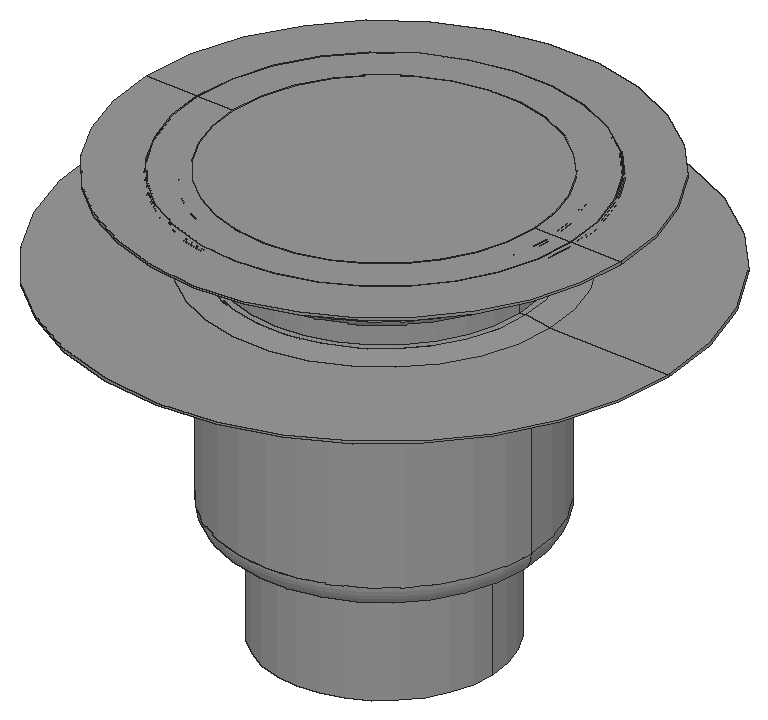
Revit family "ACO AUS Gully 218 Telescopic - Vinyl Top - Vertical Outlet with Adhesive Flange - 222mm2", category Plumbing Fixtures, host Floor, Revit 2014
Parameters (values of type "142200 - Adjustable Height without FAT SS 304")
  Website = "www.acoaus.com.au"
  Watermarked By = "www.acoaus.com.au"
  Water Marked With = "BIM Manager Premium Suite"  # constant formula
  Water Mark 2 = "This file is water marked and users are prohibited to reproduce, adapt, distribute this information"  # constant formula
  Water Mark 1 = "This file is the property of ACO Passavant"  # constant formula
  Waste Connection = no
  Vertical 160 = yes
  Telephone = "+61 (2) 4747 4000"  # constant formula
  Square Size = 300.000 mm
  Seepage Water Removal Pipe End = -if(Square Size = 250.000 mm, 33.500 mm, 25.000 mm)  # -25.000 mm
  Product Type = "Point Drainage"  # constant formula
  Product Range = "ACO Gully 218"  # constant formula
  Product Code 413029 = "N/A"
  Product Code 413028 = "2.0 litre removable strainer - Stainless steel grade 304 - 0.9kg"
  Product Code 408236 = "N/A"
  Product Code 408233 = "N/A"
  Product Code 408226 = "Waterproof bonding flange - Stainless steel grade 304 - 2.5kg"
  Product Code 408223 = "0.7 litre removable strainer - Stainless steel grade 304 - 0.6kg"
  Product Code 142008 = "N/A"
  Product Code 142006 = "N/A"
  Product Code 142005 = "N/A"
  Product Code 142004 = "N/A"
  Product Code 142003 = "N/A"
  Product Code 142002 = "N/A"
  Price = "POA - contact ACO "  # constant formula
  Outlet Height = 74.000 mm
  Outlet Diameter (mm) = "160"  # constant formula
  Outlet = 78.500 mm
  Material = Stainless Steel AISI 304
  Manufacturer = "ACO Polycrete"  # constant formula
  Load Class = "A15 - C250 (EN 1253) and D210 (AS 3996)"  # constant formula
  Gully Weight (Kg) = "5"
  Gully Void Start [instance] = 0.000 mm  # constant formula
  Gully Void End = -244.000 mm
  Gully Top Size (mm) = "To suit 300x300 grates\r\n"  # constant formula
  Gully Top = yes
  Gully Recycled Material Content = "20 - 30 %"  # constant formula
  Gully Recyclable = "Fully Recyclable"  # constant formula
  Gully Product Description = "ACO Gully 218 adjustable height gully with integrated bonding flange - DN160 vertical outlet with round vinyl  top section without FAT - grade 304"
  Gully Product Code = "142200"
  Gully Material = "Stainless steel grade 304"
  Gully Colour = "passivated stainless steel surface ( matt grey)"  # constant formula
  Grating Product Code 97388 = "N/A"
  Grating Product Code 97148 = "Load Class M125 (EN 1253) - Ladder grate - Plain - Stainless steel grade 304 - 222mm - 2.4kg"
  Foul Air Trap Seal Recycled Material Content = "N/A"
  Foul Air Trap Seal Recyclable = "N/A"
  Foul Air Trap Seal Material = "N/A"
  Foul Air Trap Seal Colour = "N/A"
  Flow Rate (l/s) = "27.1"
  97388 - 268 x 268mm - Ladder Grating - Plain - Stainless Steel 316 [instance] = no
  97148 - 268 x 268mm - Ladder Grating - Plain - Stainless Steel 304 [instance] = yes
  413029 - 2.0 litre removable strainer - Stainless Steel 316 [instance] = no
  413028 - 2.0 litre removable strainer - Stainless Steel 304 [instance] = no
  408236 - Waterproof bonding flange - Stainless Steel 316 [instance] = no
  408233 - 0.7 litre removable strainer - Stainless Steel 316 [instance] = no
  408226 - Waterproof bonding flange - Stainless Steel 304 [instance] = no
  Grating 250 x 250mm = Square Size = 300.000 mm  # yes
  Floor to Gully Height [instance] = if(FFL To Gully Top Height > 91.000 mm, 91.000 mm, if(and(FFL To Gully Top Height > 62.000 mm, FFL To Gully Top Height < 92.000 mm), FFL To Gully Top Height, if(FFL To Gully Top Height < 62.000 mm, 62.000 mm, FFL To Gully Top Height)))  # 62.000 mm
  Floor Void End [instance] = -(Floor to Gully Height + 170.000 mm)  # -232.000 mm
  Fax = "+61 (2) 4747 4029"  # constant formula
  FFL To Gully Top Height [instance] = 50.000 mm
  E-mail Sales = "sales@acoaus.com.au"
  Address = "134-140 Old Bathurst Road, Emu Plains, NSW 2750, Australia\r\n"  # constant formula
  Foul Air Trap & Foul Air Trap Support Ring = no
  408223 - 0.7 litre removable strainer - Stainless Steel 304 [instance] = no
  142008 - Fixed strainer to suit a 160mm outlet - Stainless Steel 316 [instance] = no
  142006 - Retention chain connecting removable FAT to grate - Stainless Steel 316 [instance] = no
  142005 - Retention chain connecting removable strainer to grate - Stainless Steel 316 [instance] = no
  142004 - Retention chain connecting to FAT to removable strainer -Stainless Steel 316 [instance] = no
  142003 - Retention chain connecting fixed strainer to removable strainer - Stainless Steel 316 [instance] = no
  142002 - Retention chain connecting fixed strainer to FAT - Stainless Steel 316 [instance] = no
Reference planes
  plane 1 "Center (Front/Back)": y = 0
  plane 2: z = 0
  plane 3 "Center (Left/Right)": x = 0
Forms (mm)
  Revolve 1, solid, material "Stainless Steel AISI 304", visible <- "Gully Top"
    sketch origin (0, 0, -10) x (1, 0, 0) y (0, 0, 1)
      loop
        line (-99.973, -86) -> (-98.473, -86) -> (-98.473, -31.496) -> (-105.761, -31.496)
        arc (-105.761, -31.496) -> (-106.673, -31.118) -> (-107.051, -30.206) r 1.29
        line (-107.051, -30.206) -> (-107.051, -19.721)
        arc (-107.051, -19.721) -> (-115.158, -17.992) -> (-118.79, -10.541) r 9.459
        line (-118.79, -10.541) -> (-118.79, 3.022)
        arc (-118.79, 3.022) -> (-119.663, 5.128) -> (-121.768, 6) r 2.978
        line (-121.768, 6) -> (-136.02, 6)
        arc (-136.02, 6) -> (-137.358, 6.732) -> (-137.464, 8.255) r 1.59
        line (-137.464, 8.255) -> (-137.464, 10) -> (-175, 10) -> (-175, 8.5) -> (-138.973, 8.5)
        arc (-138.973, 8.5) -> (-138.506, 5.755) -> (-136.02, 4.5) r 3.09
        line (-136.02, 4.5) -> (-121.768, 4.5)
        arc (-121.768, 4.5) -> (-120.723, 4.067) -> (-120.29, 3.022) r 1.478
        line (-120.29, 3.022) -> (-120.29, -10.541)
        arc (-120.29, -10.541) -> (-116.8, -18.561) -> (-108.551, -21.472) r 10.959
        line (-108.551, -21.472) -> (-108.551, -30.206)
        arc (-108.551, -30.206) -> (-107.734, -32.179) -> (-105.761, -32.996) r 2.79
        line (-105.761, -32.996) -> (-99.973, -32.996) -> (-99.973, -86)
      axis (0, -86) -> (0, 10)
    angle from 0 to 360
  Extrusion 2, solid, material "Stainless Steel AISI 304", visible <- "Gully Top"
    sketch origin (0, 0, 0) x (1, 0, 0) y (0, 1, 0)
      loop
        circle (0, 0) r 111
    from 0 to -30
  Extrusion 3, void
    sketch origin (0, 0, 0) x (1, 0, 0) y (0, 1, 0)
      loop
        circle (0, 0) r 175
    from 0 to -232 <- "Floor Void End"
  Revolve 4, solid, material "Rubber, Nitrile", visible <- "Foul Air Trap & Foul Air Trap Support Ring"
    sketch origin (0, 0, 0) x (1, 0, 0) y (0, 0, 1)
      loop
        line (-90.995, -116.5) -> (-107.493, -116.5) -> (-107.493, -137.5) -> (-90.995, -137.5) -> (-90.995, -132) -> (-85.993, -132) -> (-85.993, -121.482) -> (-90.995, -121.482) -> (-90.995, -116.5)
      axis (0, -137.5) -> (0, -116.5)
    angle from 0 to 360
  Extrusion 5, void
    sketch origin (0, 0, -62) x (0, 1, 0) y (-1, 0, 0)
      loop
        circle (0, 0) r 210
    from 0 <- "Gully Void Start" to -244 <- "Gully Void End"
  Revolve 6, solid, material "Stainless Steel AISI 304"
    sketch origin (0, 0, 0) x (1, 0, 0) y (0, 0, 1)
      loop
        line (-137.539, 0) -> (-137.539, -1.942)
        arc (-137.539, -1.942) -> (-137.299, -3.354) -> (-136.02, -4) r 1.59
        line (-136.02, -4) -> (-121.768, -4)
        arc (-121.768, -4) -> (-119.663, -4.872) -> (-118.79, -6.978) r 2.978
        line (-118.79, -6.978) -> (-118.79, -20.541)
        arc (-118.79, -20.541) -> (-116.586, -26.611) -> (-111, -29.852) r 9.459
        line (-111, -29.852) -> (-111, 0) -> (-137.539, 0)
      axis (0, 0) -> (0, -29.852)
    angle from 0 to 360
  Revolve 7, solid, material "Stainless Steel AISI 304" <- "Material", visible <- "Foul Air Trap & Foul Air Trap Support Ring"
    sketch origin (0, 0, 0) x (1, 0, 0) y (0, 0, 1)
      loop
        line (-91, -116.5) -> (-91, -119)
        arc (-91, -119) -> (-90.121, -121.121) -> (-88, -122) r 3
        line (-88, -122) -> (-81.5, -122)
        arc (-81.5, -122) -> (-67.358, -127.858) -> (-61.5, -142) r 20
        line (-61.5, -142) -> (-61.5, -147.036) -> (-60.005, -147.036) -> (-60.005, -142)
        arc (-60.005, -142) -> (-66.3, -126.803) -> (-81.497, -120.508) r 21.492
        line (-81.497, -120.508) -> (-88.002, -120.508)
        arc (-88.002, -120.508) -> (-89.061, -120.069) -> (-89.5, -119.01) r 1.498
        line (-89.5, -119.01) -> (-89.5, -116.5) -> (-91, -116.5)
      loop
        line (-84, -143.5) -> (-84, -173.5)
        arc (-84, -173.5) -> (-72.577, -201.077) -> (-45, -212.5) r 39
        line (-45, -212.5) -> (0, -212.5) -> (0, -211) -> (-45, -211)
        arc (-45, -211) -> (-71.517, -200.017) -> (-82.5, -173.5) r 37.5
        line (-82.5, -173.5) -> (-82.5, -143.5) -> (-84, -143.5)
      axis (0, -116.5) -> (0, -212.5)
    angle from 0 to 360
Lines and regions (mm)
  model lines, visible <- "Grating 250 x 250mm", not visible
    curve 1: line (625.621, 158.755, 0.136) -> (625.621, -111.745, 0.136)
    curve 2: line (626.621, 158.755, 0.136) -> (626.621, -111.745, 0.136)
    curve 3: line (723.344, 158.755, 0.136) -> (723.344, -111.745, 0.136)
    curve 4: line (724.344, 158.755, 0.136) -> (724.344, -111.745, 0.136)
    curve 5: line (658.195, 158.755, 0.136) -> (658.195, -111.745, 0.136)
    curve 6: line (659.195, 158.755, 0.136) -> (659.195, -111.745, 0.136)
    curve 7: line (690.77, 158.755, 0.136) -> (690.77, -111.745, 0.136)
    curve 8: line (691.77, 158.755, 0.136) -> (691.77, -111.745, 0.136)
    curve 9: line (528.897, 158.755, 0.136) -> (528.897, -111.745, 0.136)
    curve 10: line (527.897, 158.755, 0.136) -> (527.897, -111.745, 0.136)
    curve 11: line (594.046, 158.755, 0.136) -> (594.046, -111.745, 0.136)
    curve 12: line (593.046, 158.755, 0.136) -> (593.046, -111.745, 0.136)
    curve 13: line (561.472, 158.755, 0.136) -> (561.472, -111.745, 0.136)
    curve 14: line (560.472, 158.755, 0.136) -> (560.472, -111.745, 0.136)
    curve 15: line (471.728, 42.147, 0.136) -> (742.228, 42.147, 0.136)
    curve 16: line (471.728, 43.147, 0.136) -> (742.228, 43.147, 0.136)
    curve 17: line (471.728, 139.871, 0.136) -> (742.228, 139.871, 0.136)
    curve 18: line (471.728, 140.871, 0.136) -> (742.228, 140.871, 0.136)
    curve 19: line (471.728, 74.722, 0.136) -> (742.228, 74.722, 0.136)
    curve 20: line (471.728, 75.722, 0.136) -> (742.228, 75.722, 0.136)
    curve 21: line (471.728, 107.296, 0.136) -> (742.228, 107.296, 0.136)
    curve 22: line (471.728, 108.296, 0.136) -> (742.228, 108.296, 0.136)
    curve 23: line (471.728, -54.577, 0.136) -> (742.228, -54.577, 0.136)
    curve 24: line (471.728, -55.577, 0.136) -> (742.228, -55.577, 0.136)
    curve 25: line (471.728, 10.573, 0.136) -> (742.228, 10.573, 0.136)
    curve 26: line (471.728, 9.573, 0.136) -> (742.228, 9.573, 0.136)
    curve 27: line (471.728, -22.002, 0.136) -> (742.228, -22.002, 0.136)
    curve 28: line (471.728, -23.002, 0.136) -> (742.228, -23.002, 0.136)
    curve 29: line (493.322, 158.755, 0.136) -> (493.322, -111.745, 0.136)
    curve 30: line (492.322, 158.755, 0.136) -> (492.322, -111.745, 0.136)
    curve 31: line (471.728, -90.152, 0.136) -> (742.228, -90.152, 0.136)
    curve 32: line (471.728, -91.152, 0.136) -> (742.228, -91.152, 0.136)
  model lines
    curve 33: line (-134, 61.415, -62) -> (134, 61.415, -62)
    curve 34: line (-101.295, 45.391, 0) -> (-101.295, -45.391, 0)
    curve 35: line (-98.105, 51.927, 0) -> (-98.105, -51.927, 0)
    curve 36: line (-61.415, 92.462, 0) -> (-61.415, -92.462, 0)
    curve 37: line (-58.225, 94.503, 0) -> (-58.225, -94.503, 0)
    curve 38: line (-21.535, 108.891, 0) -> (-21.535, -108.891, 0)
    curve 39: line (-18.345, 109.474, 0) -> (-18.345, -109.474, 0)
    curve 40: line (18.345, 109.474, 0) -> (18.345, -109.474, 0)
    curve 41: line (21.535, 108.891, 0) -> (21.535, -108.891, 0)
    curve 42: line (58.225, 94.503, 0) -> (58.225, -94.503, 0)
    curve 43: line (61.415, 92.462, 0) -> (61.415, -91.934, 0)
    curve 44: line (98.105, 51.927, 0) -> (98.105, -51.927, 0)
    curve 45: line (101.295, 45.391, 0) -> (101.295, -45.391, 0)
  model lines, not visible
    curve 46: line (-134, -101.295, -53) -> (134, -101.295, -53)
    curve 47: line (-134, -98.105, -53) -> (134, -98.105, -53)
    curve 48: line (-134, -61.415, -53) -> (134, -61.415, -53)
    curve 49: line (-134, -58.225, -53) -> (134, -58.225, -53)
    curve 50: line (-134, -21.535, -53) -> (134, -21.535, -53)
    curve 51: line (-134, -18.345, -53) -> (134, -18.345, -53)
    curve 52: line (-134, 18.345, -53) -> (134, 18.345, -53)
    curve 53: line (-134, 21.535, -53) -> (134, 21.535, -53)
    curve 54: line (-134, 58.225, -53) -> (134, 58.225, -53)
    curve 55: line (-134, 98.105, -53) -> (134, 98.105, -53)
    curve 56: line (-134, 101.295, -53) -> (134, 101.295, -53)
    curve 57: line (-101.295, 134, -53) -> (-101.295, -134, -53)
    curve 58: line (-98.105, 134, -53) -> (-98.105, -134, -53)
    curve 59: line (-134, 61.415, -53) -> (134, 61.415, -53)
    curve 60: line (-61.415, 134, -53) -> (-61.415, -134, -53)
    curve 61: line (-58.225, 134, -53) -> (-58.225, -134, -53)
    curve 62: line (-21.535, 134, -53) -> (-21.535, -134, -53)
    curve 63: line (-18.345, 134, -53) -> (-18.345, -134, -53)
    curve 64: line (18.345, 134, -53) -> (18.345, -134, -53)
    curve 65: line (21.535, 134, -53) -> (21.535, -134, -53)
    curve 66: line (58.225, 134, -53) -> (58.225, -134, -53)
    curve 67: line (61.415, 134, -53) -> (61.415, -134, -53)
    curve 68: line (98.105, 134, -53) -> (98.105, -134, -53)
    curve 69: line (101.295, 134, -53) -> (101.295, -134, -53)
    curve 70: line (-101.295, 45.391, 0) -> (-101.295, -45.391, 0)
    curve 71: line (-98.105, 51.927, 0) -> (-98.105, -51.927, 0)
    curve 72: line (-61.415, 92.462, 0) -> (-61.415, -92.462, 0)
    curve 73: line (-58.225, 94.503, 0) -> (-58.225, -94.503, 0)
    curve 74: line (-21.535, 108.891, 0) -> (-21.535, -108.891, 0)
    curve 75: line (-18.345, 109.474, 0) -> (-18.345, -109.474, 0)
    curve 76: line (18.345, 109.474, 0) -> (18.345, -109.474, 0)
    curve 77: line (21.535, 108.891, 0) -> (21.535, -108.891, 0)
    curve 78: line (58.225, 94.503, 0) -> (58.225, -94.503, 0)
    curve 79: line (61.415, 92.462, 0) -> (61.415, -91.934, 0)
    curve 80: line (98.105, 51.927, 0) -> (98.105, -51.927, 0)
    curve 81: line (101.295, 45.391, 0) -> (101.295, -45.391, 0)
Dimensions and locks
  locked: Revolve 1 sketch curve to Revolve 1 sketch curve  (x2)
  Extrusion 2 to nested 1 = 32.000 mm
  Revolve 4 sketch curve to Revolve 4 sketch curve to Revolve 4 sketch curve to Revolve 4 sketch curve = 4.982 mm locked, 10.518 mm locked, 5.500 mm locked
  equal spacing: Revolve 4 sketch curve, Revolve 4 sketch curve, Revolve 4 sketch curve, Revolve 4 sketch curve
  "FFL To Gully Top Height": host floor to host floor
  Revolve 4 sketch curve to Revolve 4 sketch curve to Revolve 4 sketch curve to Revolve 4 sketch curve = 16.497 mm locked, 0.000 mm locked, 5.003 mm locked
  Revolve 1 sketch curve to Revolve 1 sketch curve to Revolve 1 sketch curve to Revolve 1 sketch curve = 1.500 mm locked, 0.910 mm locked, 1.590 mm locked
  Revolve 1 sketch curve to Revolve 1 sketch curve to Revolve 1 sketch curve to Revolve 1 sketch curve to Revolve 1 sketch curve = 1.751 mm locked, 10.024 mm locked, 1.500 mm locked, 53.004 mm locked
  locked: Revolve 1 sketch curve to Revolve 1 sketch curve at 18.402
  locked: plane 3 "Center (Left/Right)" to Revolve 1 sketch curve at 175
  locked: nested 1 to Revolve 4 sketch curve at 54.5
  Revolve 7 sketch curve to Revolve 7 sketch curve to Revolve 7 sketch curve to Revolve 7 sketch curve to Revolve 7 sketch curve to Revolve 7 sketch curve to Revolve 7 sketch curve to Revolve 7 sketch curve to Revolve 7 sketch curve to Revolve 7 sketch curve to Revolve 7 sketch curve = 2.500 mm locked, 3.000 mm locked, 20.000 mm locked, 0.000 mm locked, 1.500 mm locked, 3.536 mm locked, 26.464 mm locked, 0.000 mm locked, 37.500 mm locked, 1.500 mm locked
  locked: nested 1 to Revolve 7 at 54.5
  locked: nested 1 to Revolve 7 sketch curve at 150.5
  locked: Revolve 7 to nested 2 at 54.5
  radius of Extrusion 2 sketch curve = 111.000 mm
  aligned and locked: level to plane 2
  aligned and locked: nested 2 to plane 1 "Center (Front/Back)"
  aligned and locked: Revolve 1 sketch curve to nested 3  (x5)
  aligned and locked: Revolve 6 sketch curve to Extrusion 2
  aligned and locked: Revolve 6 sketch curve to plane 3 "Center (Left/Right)"
  aligned and locked: plane 3 "Center (Left/Right)" to nested 1
  aligned and locked: plane 3 "Center (Left/Right)" to nested 3
  aligned and locked: nested 4 to plane 1 "Center (Front/Back)"
  aligned and locked: nested 4 to plane 2
  aligned and locked: Extrusion 3 sketch curve to Revolve 1  (x2)
  aligned and locked: Extrusion 5 sketch curve to nested 1
  aligned and locked: plane 3 "Center (Left/Right)" to nested 5
  aligned and locked: nested 5 to nested 1
Automatic sketch dimensions
  curve 12 to curve 1 = 0.000 mm
  curve 10 to curve 12 = 0.000 mm
  curve 1 to curve 2 = 0.000 mm  (x2)
  curve 10 to curve 14 = 0.000 mm  (x2)
  curve 2 to curve 3 = 0.000 mm
  curve 14 to curve 13 = 0.000 mm  (x2)
  curve 3 to curve 4 = 0.000 mm  (x2)
  curve 30 to curve 10 = 0.000 mm
  curve 2 to curve 5 = 0.000 mm  (x2)
  curve 30 to curve 29 = 0.000 mm  (x2)
  curve 5 to curve 6 = 0.000 mm  (x2)
  curve 8 to curve 3 = 0.000 mm
  curve 7 to curve 8 = 0.000 mm  (x2)
  curve 12 to curve 11 = 0.000 mm  (x2)
  curve 10 to curve 9 = 0.000 mm  (x2)
  curve 30 to curve 32 = 20.594 mm
  curve 32 to curve 31 = 1.000 mm
  curve 31 to curve 24 = 34.575 mm
  curve 24 to curve 23 = 1.000 mm
  curve 23 to curve 28 = 31.575 mm
  curve 28 to curve 27 = 1.000 mm
  curve 27 to curve 26 = 31.575 mm
  curve 26 to curve 25 = 1.000 mm
  curve 25 to curve 15 = 31.575 mm
  curve 15 to curve 16 = 1.000 mm
  curve 16 to curve 19 = 31.575 mm
  curve 19 to curve 20 = 1.000 mm
  curve 20 to curve 21 = 31.575 mm
  curve 21 to curve 22 = 1.000 mm
  curve 22 to curve 17 = 31.575 mm
  curve 17 to curve 18 = 1.000 mm
  curve 18 to curve 14 = 17.884 mm
  curve 13 to curve 12 = 0.000 mm
  curve 18 to curve 8 = 17.884 mm
  curve 18 to curve 29 = 17.884 mm
  curve 6 to curve 7 = 0.000 mm
  curve 18 to curve 4 = 17.884 mm  (x2)
  curve 15 to curve 32 = 0.000 mm
  curve 17 to curve 15 = 0.000 mm
  curve 18 to curve 17 = 0.000 mm
  curve 19 to curve 15 = 0.000 mm
  curve 20 to curve 19 = 0.000 mm  (x2)
  curve 21 to curve 20 = 0.000 mm  (x2)
  curve 22 to curve 21 = 0.000 mm  (x2)
  curve 23 to curve 32 = 0.000 mm
  curve 24 to curve 23 = 0.000 mm
  curve 25 to curve 15 = 0.000 mm
  curve 26 to curve 25 = 0.000 mm  (x2)
  curve 27 to curve 26 = 0.000 mm  (x2)
  curve 28 to curve 27 = 0.000 mm  (x2)
  curve 31 to curve 32 = 0.000 mm
  curve 16 to curve 15 = 0.000 mm  (x2)
  curve 4 to curve 3 = 1.000 mm
  curve 3 to curve 8 = 31.575 mm
  curve 8 to curve 7 = 1.000 mm
  curve 7 to curve 6 = 31.575 mm
  curve 6 to curve 5 = 1.000 mm
  curve 5 to curve 2 = 31.575 mm
  curve 2 to curve 1 = 1.000 mm
  curve 1 to curve 11 = 31.575 mm
  curve 11 to curve 12 = 1.000 mm
  curve 12 to curve 13 = 31.575 mm
  curve 13 to curve 14 = 1.000 mm
  curve 14 to curve 9 = 31.575 mm
  curve 9 to curve 10 = 1.000 mm
  curve 10 to curve 29 = 34.575 mm
  curve 29 to curve 30 = 1.000 mm
  curve 30 to curve 25 = 20.594 mm
  curve 30 to curve 18 = 20.594 mm
  curve 19 to curve 25 = 0.000 mm
  curve 24 to curve 27 = 0.000 mm
  curve 15 to curve 25 = 0.000 mm
  curve 23 to curve 24 = 0.000 mm
  curve 31 to curve 24 = 0.000 mm
  curve 32 to curve 31 = 0.000 mm
  curve 17 to curve 18 = 0.000 mm
  Revolve 4 sketch curve to level = 0.000 mm
  Revolve 4 sketch curve to plane 3 "Center (Left/Right)" = 0.000 mm
  Revolve 4 sketch curve to plane 3 "Center (Left/Right)" = 85.993 mm
  level to Revolve 4 sketch curve = 25.000 mm
  curve 33 to nested 1 = 61.415 mm
  curve 33 to curve 33 = 268.000 mm
  plane 1 "Center (Front/Back)" to Extrusion 2 sketch curve = 0.000 mm
  Extrusion 2 sketch curve to plane 3 "Center (Left/Right)" = 0.000 mm
  Revolve 6 sketch curve to level = 0.000 mm
  Revolve 6 sketch curve to Revolve 6 sketch curve = 1.520 mm
  Revolve 6 sketch curve to Revolve 6 sketch curve = 14.251 mm
  Revolve 6 sketch curve to Revolve 6 sketch curve = 2.978 mm
  Revolve 6 sketch curve to level = 1.942 mm
  Revolve 6 sketch curve to Revolve 6 sketch curve = 0.468 mm
  Revolve 6 sketch curve to Revolve 6 sketch curve = 13.563 mm
  Revolve 6 sketch curve to Revolve 6 sketch curve = 7.790 mm
  Revolve 6 sketch curve to Revolve 6 sketch curve = 1.669 mm
  Revolve 6 sketch curve to Revolve 6 sketch curve = 970.148 mm
  level to Revolve 6 sketch curve = 1000.000 mm
  curve 34 to curve 35 = 3.190 mm
  curve 35 to curve 36 = 36.690 mm
  curve 36 to curve 37 = 3.190 mm
  curve 37 to curve 38 = 36.690 mm
  curve 38 to curve 39 = 3.190 mm
  curve 39 to curve 40 = 36.690 mm
  curve 40 to curve 41 = 3.190 mm
  curve 41 to curve 42 = 36.690 mm
  curve 42 to curve 43 = 3.190 mm
  curve 43 to curve 44 = 36.690 mm
  curve 44 to curve 45 = 3.190 mm
  curve 39 to curve 40 = 0.000 mm
  curve 39 to curve 38 = 0.583 mm
  curve 40 to curve 41 = 0.583 mm
  curve 41 to curve 42 = 14.388 mm
  curve 38 to curve 37 = 14.388 mm
  curve 37 to curve 36 = 2.041 mm
  curve 42 to curve 43 = 2.569 mm
  curve 36 to curve 35 = 40.535 mm
  curve 43 to curve 44 = 40.007 mm
  curve 35 to curve 34 = 6.536 mm
  curve 44 to curve 45 = 6.536 mm
  curve 34 to curve 34 = 90.782 mm
  curve 45 to curve 45 = 90.782 mm
  curve 34 to curve 35 = 6.536 mm
  curve 45 to curve 44 = 6.536 mm
  curve 35 to curve 36 = 40.535 mm
  curve 44 to curve 43 = 40.535 mm
  curve 43 to curve 42 = 2.041 mm
  curve 36 to curve 37 = 2.041 mm
  curve 42 to curve 41 = 14.388 mm
  curve 37 to curve 38 = 14.388 mm
  curve 41 to curve 40 = 0.583 mm
  curve 38 to curve 39 = 0.583 mm
  curve 70 to curve 71 = 3.190 mm
  curve 71 to curve 72 = 36.690 mm
  curve 72 to curve 73 = 3.190 mm
  curve 73 to curve 74 = 36.690 mm
  curve 74 to curve 75 = 3.190 mm
  curve 75 to curve 76 = 36.690 mm
  curve 76 to curve 77 = 3.190 mm
  curve 77 to curve 78 = 36.690 mm
  curve 78 to curve 79 = 3.190 mm
  curve 79 to curve 80 = 36.690 mm
  curve 80 to curve 81 = 3.190 mm
  curve 75 to curve 76 = 0.000 mm
  curve 75 to curve 74 = 0.583 mm
  curve 76 to curve 77 = 0.583 mm
  curve 77 to curve 78 = 14.388 mm
  curve 74 to curve 73 = 14.388 mm
  curve 73 to curve 72 = 2.041 mm
  curve 78 to curve 79 = 2.569 mm
  curve 72 to curve 71 = 40.535 mm
  curve 79 to curve 80 = 40.007 mm
  curve 71 to curve 70 = 6.536 mm
  curve 80 to curve 81 = 6.536 mm
  curve 70 to curve 70 = 90.782 mm
  curve 81 to curve 81 = 90.782 mm
  curve 70 to curve 71 = 6.536 mm
  curve 81 to curve 80 = 6.536 mm
  curve 71 to curve 72 = 40.535 mm
  curve 80 to curve 79 = 40.535 mm
  curve 79 to curve 78 = 2.041 mm
  curve 72 to curve 73 = 2.041 mm
  curve 78 to curve 77 = 14.388 mm
  curve 73 to curve 74 = 14.388 mm
  curve 77 to curve 76 = 0.583 mm
  curve 74 to curve 75 = 0.583 mm
  Revolve 1 sketch curve to Revolve 1 sketch curve = 0.000 mm  (x6)
  Revolve 1 sketch curve to level = 0.000 mm
  Revolve 1 sketch curve to plane 3 "Center (Left/Right)" = 0.000 mm
  Revolve 1 sketch curve to Revolve 1 sketch curve = 1.509 mm
  Revolve 1 sketch curve to Revolve 1 sketch curve = 1.500 mm
  level to Revolve 1 sketch curve = 25.000 mm
  Revolve 7 sketch curve to Revolve 7 sketch curve = 0.002 mm
  Revolve 7 sketch curve to Revolve 7 sketch curve = 0.010 mm
  Revolve 7 sketch curve to Revolve 7 sketch curve = 0.003 mm
  Revolve 7 sketch curve to Revolve 7 sketch curve = 0.000 mm
  Revolve 7 sketch curve to plane 3 "Center (Left/Right)" = 91.000 mm
  Revolve 7 sketch curve to Revolve 7 sketch curve = 1.500 mm
  Revolve 7 sketch curve to Revolve 7 sketch curve = 4.000 mm
  Revolve 7 sketch curve to Revolve 7 sketch curve = 1.003 mm
  Revolve 7 sketch curve to Revolve 7 sketch curve = 45.000 mm
  Revolve 7 sketch curve to Revolve 7 sketch curve = 81.497 mm
  Revolve 7 sketch curve to Revolve 7 sketch curve = 83.315 mm
  Revolve 7 sketch curve to Revolve 7 sketch curve = 10.000 mm
Nested families
  nested 1: "Vertical Gully Outlet" at (0, 0, 0), type "408057 - Telescopic - Vertical Outlet Ø - 110mm"
  nested 2: "Gully Detail Vertical" at (0, 0, -62) x (0, 1, 0) z (1, 0, 0), visible <- "Vertical 160", type "Vertical Outlet Gully 160"
  nested 3: "Vinyl Gully Top" at (0, 0, 0) x (1, 0, 0) z (0, -1, 0), type "Vinyl Gully Top 218"
  nested 4: "Vinyl Gully Top" at (0, 0, 0) x (0, 1, 0) z (1, 0, 0), type "Vinyl Gully Top 218"
  nested 5: "Gully Detail Vertical" at (0, 0, -62) x (1, 0, 0) z (0, -1, 0), type "Vertical Outlet Gully 160"
Connectors
  piping at (0, 0, -306), diameter 160
    settings: on nested 1, index 1, connector inside diameter 110 mm, connector length 0.000 mm, flow factor 0, pipe flow 0.0 L/s, pressure drop 0.0 Pa, fitting loss kfactor 0, connector angle 0.00°, fixture units 0, engagement length 0.000 mm, angle of deflection 0.00°, flow configuration 0, flow direction 0, fitting loss method 0, system type 16, joint type 0, gender type 0, connector reference index -1, connector utility 0, adjustable connector no, is connector primary yes, connector description ""
Definition of nested family "Vertical Gully Outlet"
  Parameters (values of type "408057 - Telescopic - Vertical Outlet Ø - 110mm")
    Vertical Void Radius = 78.500 mm
    Vertical Outlet = yes
    Type Comments = "﻿﻿  ﻿         ​    ﻿            ​            ​      ﻿      ﻿   ​     ﻿    ﻿   ​      ﻿​             ﻿         ​  ﻿      ​ ​    ​      ​  ​      ​       ​      ​            ﻿        ​      ﻿      ﻿       ﻿        ​    ​​ ​ ​​​ ​    ​﻿ ​​​         ﻿﻿                          ​﻿                         ﻿     ​                      ​         ​ ﻿       ​   ​              ​       ​  ​               ﻿         ​​                                 ​       ​                 ﻿          ﻿   ​​ ​          ﻿ ​             ﻿﻿"
    Top Plate Radius = 210.000 mm
    Vertical Height from Floor = 62.000 mm
    Outlet Height = 74.000 mm
    Keynote = "﻿﻿  ﻿         ​    ﻿            ​            ​      ﻿      ﻿   ​     ﻿    ﻿   ​      ﻿​             ﻿         ​  ﻿      ​ ​    ​      ​  ​      ​       ​      ​            ﻿        ​      ﻿      ﻿       ﻿        ​    ​​ ​ ​​​ ​    ​﻿ ​​​         ﻿﻿                          ​﻿                         ﻿     ​                      ​         ​ ﻿       ​   ​              ​       ​  ​               ﻿         ​​                                 ​       ​                 ﻿          ﻿   ​​ ​          ﻿ ​             ﻿﻿"
    Gully Height = if(Vertical Outlet, 170.000 mm, 0.000 mm)  # 170.000 mm
    Description = "﻿﻿  ﻿         ​    ﻿            ​            ​      ﻿      ﻿   ​     ﻿    ﻿   ​      ﻿​             ﻿         ​  ﻿      ​ ​    ​      ​  ​      ​       ​      ​            ﻿        ​      ﻿      ﻿       ﻿        ​    ​​ ​ ​​​ ​    ​﻿ ​​​         ﻿﻿                          ​﻿                         ﻿     ​                      ​         ​ ﻿       ​   ​              ​       ​  ​               ﻿         ​​                                 ​       ​                 ﻿          ﻿   ​​ ​          ﻿ ​             ﻿﻿"
    Assembly Code = "D"
  Types (2, lengths in mm): name | Vertical Height from Floor
    408057 - Telescopic - Vertical Outlet Ø - 110mm | 62.000
    408057 - Telescopic - Vertical Outlet Ø - 160mm | 150.000
  Reference planes
    plane 1 "Center (Front/Back)": y = 0
    plane 2: z = 0
    plane 3 "Center (Left/Right)": x = 0
    plane 4: z = -171
  Forms (mm)
    Revolve 1, solid, material "Stainless Steel AISI 304"
      sketch origin (0, 0, 0) x (1, 0, 0) y (0, 0, 1)
        loop
          line (-78.5, -230.5) -> (-92.5, -230.5)
          arc (-92.5, -230.5) -> (-103.107, -226.107) -> (-107.5, -215.5) r 15
          line (-107.5, -215.5) -> (-107.5, -62) -> (-210, -62) -> (-210, -63.5) -> (-109, -63.5) -> (-109, -215.5)
          arc (-109, -215.5) -> (-104.167, -227.167) -> (-92.5, -232) r 16.5
          line (-92.5, -232) -> (-78.5, -232) -> (-78.5, -230.5)
        axis (0, -232) -> (0, -62)
      angle from 0 to 360
    Revolve 2, solid, material "Stainless Steel AISI 304", visible <- "Vertical Outlet"
      sketch origin (0, 0, 0) x (1, 0, 0) y (0, 0, 1)
        loop
          line (-78.5, -306) -> (-78.5, -232) -> (-80, -232) -> (-80, -306) -> (-78.5, -306)
        axis (0, -306) -> (0, -232)
      angle from 0 to 360
    Revolve 3, solid, material "Rubber, Nitrile"
      sketch origin (0, 0, 0) x (1, 0, 0) y (0, 0, 1)
        loop
          line (-122.5, -62) -> (-107.5, -62) -> (-107.5, -83) -> (-100, -83) -> (-100, -59.659) -> (-104.943, -59.659) -> (-122.5, -62)
        axis (0, -83) -> (0, -59.659)
      angle from 0 to 360
  Dimensions and locks
    plane 3 "Center (Left/Right)" to Revolve 1 sketch curve to Revolve 1 sketch curve = 107.500 mm, 1.500 mm locked
    "Vertical Height from Floor": host floor to Revolve 1 sketch curve
    Revolve 1 sketch curve to Revolve 1 sketch curve to Revolve 1 sketch curve to Revolve 1 sketch curve = 0.000 mm locked, 15.000 mm locked, 1.500 mm locked
    "Gully Height": Revolve 1 sketch curve to Revolve 1 sketch curve
    "Vertical Void Radius": plane 3 "Center (Left/Right)" to Revolve 1 sketch curve
    "Outlet Height": Revolve 2 sketch curve to Revolve 2 sketch curve
    locked: Revolve 2 sketch curve to Revolve 2 sketch curve at 1.5
    "Vertical Void Radius": plane 3 "Center (Left/Right)" to Revolve 2 sketch curve
    locked: Revolve 1 to Revolve 2 sketch curve at 1.5
    "Top Plate Radius": plane 3 "Center (Left/Right)" to Revolve 1 sketch curve
    locked: Revolve 1 sketch curve to Revolve 1 sketch curve at 1.5
    locked: Revolve 3 sketch curve to Revolve 3 sketch curve at 15
    locked: Revolve 1 to Revolve 3 at 21
    locked: Revolve 3 sketch curve to Revolve 3 sketch curve at 21
    aligned and locked: level to plane 2
  Automatic sketch dimensions
    Revolve 3 sketch curve to plane 4 = 88.000 mm
    Revolve 3 sketch curve to plane 3 "Center (Left/Right)" = 0.000 mm
    Revolve 3 sketch curve to plane 3 "Center (Left/Right)" = 100.000 mm
    Revolve 3 sketch curve to Revolve 3 sketch curve = 7.500 mm
    Revolve 3 sketch curve to Revolve 3 sketch curve = 2.557 mm
    Revolve 3 sketch curve to level = 39.000 mm
    Revolve 3 sketch curve to level = 14.000 mm
    Revolve 3 sketch curve to Revolve 3 sketch curve = 2.341 mm
    Revolve 1 sketch curve to plane 3 "Center (Left/Right)" = 0.000 mm
    level to Revolve 1 sketch curve = 200.000 mm
    Revolve 1 sketch curve to Revolve 1 sketch curve = 20.000 mm
    Revolve 2 sketch curve to level = 0.000 mm
    Revolve 2 sketch curve to plane 3 "Center (Left/Right)" = 0.000 mm
    level to Revolve 2 sketch curve = 10.000 mm
Definition of nested family "Gully Detail Vertical"
  Parameters (values of type "Vertical Outlet Gully 160")
    Vertical 160 = yes
    Vertical 110 = no
    Type Comments = "﻿﻿  ﻿         ​    ﻿            ​            ​      ﻿      ﻿   ​     ﻿    ﻿   ​      ﻿​             ﻿         ​  ﻿      ​ ​    ​      ​  ​      ​       ​      ​            ﻿        ​      ﻿      ﻿       ﻿        ​    ​​ ​ ​​​ ​    ​﻿ ​​​         ﻿﻿                          ​﻿                         ﻿     ​                      ​         ​ ﻿       ​   ​              ​       ​  ​               ﻿         ​​                                 ​       ​                 ﻿          ﻿   ​​ ​          ﻿ ​             ﻿﻿"
    Top Piece Height = 170.000 mm
    Top Dia = 218.000 mm
    Top Connecting Plate Dia = 420.000 mm
    Keynote = "﻿﻿  ﻿         ​    ﻿            ​            ​      ﻿      ﻿   ​     ﻿    ﻿   ​      ﻿​             ﻿         ​  ﻿      ​ ​    ​      ​  ​      ​       ​      ​            ﻿        ​      ﻿      ﻿       ﻿        ​    ​​ ​ ​​​ ​    ​﻿ ​​​         ﻿﻿                          ​﻿                         ﻿     ​                      ​         ​ ﻿       ​   ​              ​       ​  ​               ﻿         ​​                                 ​       ​                 ﻿          ﻿   ​​ ​          ﻿ ​             ﻿﻿"
    Botttom Piece Height = 98.000 mm
    Bottom Outlet Dia = 160.000 mm
    Assembly Code = "D"
    A or B = 58.903 mm
  Types (3, lengths in mm): name | Vertical 160 | Vertical 110 | Top Connecting Plate Dia | Botttom Piece Height | Assembly Code
    Vertical Outlet Gully 110 | yes | no | 418.000 | 98.000 | "D"
    Vertical Outlet Gully 160 | yes | no | 420.000 | 98.000 | "D"
    Vertical Outlet Gully | no | yes | 418.000 | 93.000 | "﻿﻿  ﻿         ​    ﻿            ​            ​      ﻿      ﻿   ​     ﻿    ﻿   ​      ﻿​             ﻿         ​  ﻿      ​ ​    ​      ​  ​      ​       ​      ​            ﻿        ​      ﻿      ﻿       ﻿        ​    ​​ ​ ​​​ ​    ​﻿ ​​​         ﻿﻿                          ​﻿                         ﻿     ​                      ​         ​ ﻿       ​   ​              ​       ​  ​               ﻿         ​​                                 ​       ​                 ﻿          ﻿   ​​ ​          ﻿ ​             ﻿﻿"
  Reference planes
    plane 1 "Center (Front/Back)": y = 0
    plane 2: z = 0
    plane 3 "Center (Left/Right)": x = 0
  Lines and regions (mm)
    detail lines, in view "Ref. Level"
      curve 1: line (-210, 0, 0) -> (210, 0, 0)
      curve 2: line (210, 0, 0) -> (210, -1.5, 0)
      curve 4: line (-210, -1.5, 0) -> (-210, 0, 0)
      curve 22: line (92.5, -170, 0) -> (-92.5, -170, 0)
    detail lines, in view "Ref. Level", detail levels medium+fine
      curve 3: line (210, -1.5, 0) -> (-210, -1.5, 0)
      curve 5: arc (111, -1.5, 0) -> (109.586, -2.086, 0) -> (109, -3.5, 0) r 2
      curve 6: line (-109, -58.903, 0) -> (-109, -3.5, 0)
      curve 7: line (109, -58.903, 0) -> (109, -3.5, 0)
      curve 8: arc (107.25, -61.934, 0) -> (108.531, -60.653, 0) -> (109, -58.903, 0) r 3.5
      curve 9: line (105.69, -62.835, 0) -> (107.25, -61.934, 0)
      curve 10: arc (105.69, -62.835, 0) -> (104.44, -65, 0) -> (105.69, -67.165, 0) r 2.5
      curve 11: line (105.69, -67.165, 0) -> (107.25, -68.066, 0)
      curve 12: arc (109, -71.097, 0) -> (108.531, -69.347, 0) -> (107.25, -68.066, 0) r 3.5
      curve 13: line (109, -153.5, 0) -> (109, -71.097, 0)
      curve 14: arc (92.5, -170, 0) -> (104.167, -165.167, 0) -> (109, -153.5, 0) r 16.5
      curve 15: arc (-109, -58.903, 0) -> (-108.531, -60.653, 0) -> (-107.25, -61.934, 0) r 3.5
      curve 16: line (-105.69, -62.835, 0) -> (-107.25, -61.934, 0)
      curve 17: arc (-105.69, -67.165, 0) -> (-104.44, -65, 0) -> (-105.69, -62.835, 0) r 2.5
      curve 18: line (-105.69, -67.165, 0) -> (-107.25, -68.066, 0)
      curve 19: arc (-107.25, -68.066, 0) -> (-108.531, -69.347, 0) -> (-109, -71.097, 0) r 3.5
      curve 20: line (-109, -153.5, 0) -> (-109, -71.097, 0)
      curve 21: arc (-109, -153.5, 0) -> (-104.167, -165.167, 0) -> (-92.5, -170, 0) r 16.5
      curve 56: arc (-111, -1.5, 0) -> (-109.586, -2.086, 0) -> (-109, -3.5, 0) r 2
    detail lines, in view "Ref. Level", visible <- "Vertical 110", detail levels medium+fine
      curve 23: arc (-55.5, -175, 0) -> (-57.543, -171.417, 0) -> (-61.416, -170, 0) r 6
      curve 24: line (55.5, -175, 0) -> (-55.5, -175, 0)
      curve 25: arc (61.416, -170, 0) -> (57.543, -171.417, 0) -> (55.5, -175, 0) r 6
      curve 26: line (55, -178.017, 0) -> (55, -175, 0)
      curve 27: line (-55, -178.017, 0) -> (-55, -175, 0)
      curve 28: line (51.25, -181.733, 0) -> (55, -178.017, 0)
      curve 29: line (-51.25, -181.733, 0) -> (-55, -178.017, 0)
      curve 30: line (-51.25, -208.284, 0) -> (-51.25, -181.733, 0)
      curve 31: line (51.25, -208.284, 0) -> (51.25, -181.733, 0)
      curve 32: line (51.25, -208.284, 0) -> (55, -212, 0)
      curve 33: line (-51.25, -208.284, 0) -> (-55, -212, 0)
      curve 35: line (55, -260.536, 0) -> (53, -268, 0)
      curve 36: line (-53, -268, 0) -> (-55, -260.009, 0)
    detail lines, in view "Ref. Level", visible <- "Vertical 110"
      curve 34: line (-55, -260.009, 0) -> (-55, -212, 0)
      curve 37: line (53, -268, 0) -> (-53, -268, 0)
      curve 38: line (55, -260.536, 0) -> (55, -212, 0)
    detail lines, in view "Ref. Level", detail levels fine
      curve 39: line (-109, -58.903, 0) -> (109, -58.903, 0)
      curve 40: line (-109, -71.097, 0) -> (109, -71.097, 0)
      curve 74: line (-104.44, -65, 0) -> (104.44, -65, 0)
    detail lines, in view "Ref. Level", visible <- "Vertical 110", detail levels fine
      curve 41: line (-51.25, -181.733, 0) -> (51.25, -181.733, 0)
      curve 42: line (-51.25, -208.284, 0) -> (51.25, -208.284, 0)
      curve 43: line (-55, -212, 0) -> (55, -212, 0)
      curve 44: line (-55, -260.009, 0) -> (55, -260.009, 0)
    detail lines, in view "Ref. Level", detail levels coarse
      curve 45: line (210, -1.5, 0) -> (210, -66, 0)
      curve 46: line (-210, -1.5, 0) -> (-210, -170, 0)
      curve 47: line (-61.416, -170, 0) -> (-210, -170, 0)
      curve 54: line (210, -66, 0) -> (210, -170, 0)
      curve 55: line (60.795, -170, 0) -> (210, -170, 0)
    detail lines, in view "Ref. Level", visible <- "Vertical 110", detail levels coarse
      curve 48: line (-55, -212, 0) -> (-55, -170, 0)
      curve 49: line (55, -212, 0) -> (55, -170, 0)
      curve 50: line (-55, -260.009, 0) -> (-55, -268, 0)
      curve 51: line (-55, -268, 0) -> (-53, -268, 0)
      curve 52: line (55, -260.536, 0) -> (55, -268, 0)
      curve 53: line (53, -268, 0) -> (55, -268, 0)
    detail lines, in view "Ref. Level", visible <- "Vertical 160", detail levels medium+fine
      curve 57: arc (-80.5, -175, 0) -> (-82.543, -171.417, 0) -> (-86.416, -170, 0) r 6
      curve 58: line (-80, -178.017, 0) -> (-80, -175, 0)
      curve 61: arc (86.416, -170, 0) -> (82.543, -171.417, 0) -> (80.5, -175, 0) r 6
      curve 62: line (80, -178.017, 0) -> (80, -175, 0)
      curve 65: line (-78.501, -244, 0) -> (-80, -238.009, 0)
      curve 68: line (80, -238.536, 0) -> (78.536, -244, 0)
      curve 73: line (-80.5, -175, 0) -> (80.5, -175, 0)
    detail lines, in view "Ref. Level", visible <- "Vertical 160"
      curve 59: line (-80, -238.009, 0) -> (-80, -212, 0)
      curve 60: line (-80, -212, 0) -> (-80, -175, 0)
      curve 63: line (80, -238.536, 0) -> (80, -212, 0)
      curve 64: line (80, -212, 0) -> (80, -175, 0)
      curve 71: line (55, -244, 0) -> (-78.501, -244, 0)
      curve 72: line (55, -244, 0) -> (78.536, -244, 0)
    detail lines, in view "Ref. Level", visible <- "Vertical 160", detail levels coarse
      curve 66: line (-80, -238.009, 0) -> (-80, -244, 0)
      curve 67: line (-80, -244, 0) -> (-78.501, -244, 0)
      curve 69: line (80, -238.536, 0) -> (80, -244, 0)
      curve 70: line (78.536, -244, 0) -> (80, -244, 0)
      curve 75: line (-80, -175, 0) -> (-80, -170, 0)
      curve 76: line (80, -175, 0) -> (80, -170, 0)
    detail lines, in view "Ref. Level", visible <- "Vertical 160", detail levels fine
      curve 77: line (-79.837, -238.66, 0) -> (79.967, -238.66, 0)
  Dimensions and locks
    equal spacing: curve 4, plane 3 "Center (Left/Right)", curve 2
    "Top Connecting Plate Dia": curve 4 to curve 2
    equal spacing: curve 6, plane 3 "Center (Left/Right)", curve 7
    curve 6 to curve 7 = 218.000 mm
    equal spacing: curve 34, plane 3 "Center (Left/Right)", curve 38
    equal spacing: curve 37, curve 44, curve 43, curve 42, curve 41, curve 24, curve 22, curve 40, curve 39, curve 3, curve 1
    "Top Piece Height": curve 22 to curve 1
    "Botttom Piece Height": curve 22 to curve 37
    curve 15 to curve 16 to curve 17 to curve 17 to curve 17 to curve 19 to curve 20 = 3.031 mm locked, 0.901 mm locked, 2.165 mm locked, 2.165 mm locked, 0.901 mm locked, 3.031 mm locked
    "A or B": curve 39 to plane 1 "Center (Front/Back)"
    curve 8 to curve 10 to curve 11 to curve 13 = 3.932 mm locked, 4.330 mm locked, 3.932 mm locked
    aligned and locked: curve 2 to curve 45
    aligned and locked: curve 22 to curve 46
    aligned and locked: curve 34 to curve 48
    aligned and locked: curve 38 to curve 49
    aligned and locked: curve 51 to curve 37
    aligned and locked: curve 55 to curve 22
    aligned and locked: curve 45 to curve 54
    aligned and locked: curve 59 to curve 60
    aligned and locked: curve 63 to curve 64
  Automatic sketch dimensions
    plane 1 "Center (Front/Back)" to curve 4 = 0.000 mm
    curve 56 to curve 6 = 2.000 mm
    curve 20 to curve 6 = 0.000 mm
    curve 19 to curve 18 = 1.750 mm
    curve 6 to curve 16 = 1.750 mm
    curve 18 to curve 17 = 0.310 mm
    curve 18 to curve 18 = 1.560 mm
    curve 21 to curve 22 = 16.500 mm
    curve 21 to curve 57 = 6.084 mm
    curve 57 to curve 73 = 5.916 mm
    curve 57 to curve 59 = 6.416 mm
    curve 66 to curve 71 = 1.499 mm
    curve 60 to curve 23 = 18.584 mm
    curve 23 to curve 24 = 5.916 mm
    curve 65 to curve 51 = 23.501 mm
    curve 59 to curve 48 = 25.000 mm
    curve 23 to curve 27 = 0.500 mm
    curve 50 to curve 51 = 2.000 mm
    curve 33 to curve 33 = 3.750 mm
    curve 31 to curve 49 = 3.750 mm
    curve 53 to curve 52 = 2.000 mm
    curve 28 to curve 28 = 3.750 mm
    curve 26 to curve 24 = 0.500 mm
    curve 24 to curve 25 = 5.916 mm
    curve 71 to curve 70 = 23.536 mm
    curve 68 to curve 70 = 1.464 mm
    curve 64 to curve 73 = 0.500 mm
    curve 61 to curve 61 = 5.916 mm
    curve 61 to curve 22 = 6.084 mm
    curve 8 to curve 7 = 3.500 mm
    curve 12 to curve 8 = 0.000 mm
    curve 8 to curve 9 = 0.190 mm
    curve 12 to curve 11 = 0.190 mm
    curve 10 to curve 10 = 1.250 mm
    curve 10 to curve 11 = 1.560 mm
    plane 1 "Center (Front/Back)" to curve 9 = 61.934 mm
    curve 12 to curve 13 = 3.500 mm
    curve 5 to curve 5 = 2.000 mm
    curve 52 to curve 35 = 7.464 mm
    curve 50 to curve 44 = 7.991 mm
    curve 44 to curve 70 = 16.009 mm
    curve 34 to curve 71 = 16.009 mm
    curve 69 to curve 63 = 5.464 mm
    curve 66 to curve 65 = 5.991 mm
    curve 65 to curve 43 = 26.009 mm
    curve 32 to curve 64 = 0.000 mm
    curve 59 to curve 33 = 0.000 mm
    curve 32 to curve 31 = 3.716 mm
    curve 31 to curve 49 = 11.733 mm
    curve 29 to curve 27 = 3.716 mm
    curve 28 to curve 28 = 3.716 mm
    curve 57 to curve 57 = 6.000 mm
    curve 25 to curve 25 = 6.000 mm
    plane 1 "Center (Front/Back)" to curve 45 = 66.000 mm
    plane 1 "Center (Front/Back)" to curve 5 = 3.500 mm
    curve 75 to curve 60 = 0.000 mm
    curve 58 to curve 60 = 0.000 mm
    curve 59 to curve 77 = 0.163 mm
    curve 47 to curve 23 = 0.000 mm
    curve 55 to curve 25 = 0.621 mm
    curve 76 to curve 64 = 0.000 mm
    curve 62 to curve 64 = 0.000 mm
    curve 62 to curve 62 = 3.017 mm
    curve 58 to curve 58 = 3.017 mm
    curve 11 to curve 74 = 2.165 mm
Definition of nested family "Vinyl Gully Top"
  Parameters (values of type "Vinyl Gully Top 218")
    Watermarked By = ""
    Type Comments = "﻿﻿           ﻿     ﻿                                              ﻿   ​ ​         ​                                   ﻿﻿"
    Keynote = "﻿﻿           ﻿     ﻿                                              ﻿   ​ ​         ​                                   ﻿﻿"
    Description = "﻿﻿           ﻿     ﻿                                              ﻿   ​ ​         ​                                   ﻿﻿"
    Assembly Code = "﻿﻿           ﻿     ﻿                                              ﻿   ​ ​         ​                                   ﻿﻿"
  Reference planes
    plane 1 "Center (Front/Back)": y = 0
    plane 2: z = 0
    plane 3 "Center (Left/Right)": x = 0
  Lines and regions (mm)
    detail lines, in view "Ref. Level"
      curve 1: line (-175, -1.5, 0) -> (175, -1.5, 0)
      curve 2: line (-136.02, -5.5, 0) -> (136.02, -5.5, 0)
      curve 3: arc (-138.973, -1.5, 0) -> (-138.506, -4.245, 0) -> (-136.02, -5.5, 0) r 3.09
      curve 4: line (-120.29, -6.978, 0) -> (-120.29, -20.541, 0)
      curve 5: arc (-121.768, -5.5, 0) -> (-120.723, -5.933, 0) -> (-120.29, -6.978, 0) r 1.478
      curve 6: line (-99.973, -42.996, 0) -> (-99.973, -96, 0)
      curve 7: line (-175, 0, 0) -> (175, 0, 0)
      curve 8: line (-99.973, -96, 0) -> (99.973, -96, 0)
      curve 9: line (-108.551, -31.5, 0) -> (108.551, -31.5, 0)
      curve 46: arc (138.973, -1.5, 0) -> (138.506, -4.245, 0) -> (136.02, -5.5, 0) r 3.09
      curve 47: arc (121.768, -5.5, 0) -> (120.723, -5.933, 0) -> (120.29, -6.978, 0) r 1.478
      curve 195: line (-109.331, -31.5, 0) -> (-108.551, -31.5, 0)
      curve 196: line (-108.551, -31.5, 0) -> (-108.551, -40.206, 0)
      curve 197: line (-105.761, -42.996, 0) -> (-99.973, -42.996, 0)
      curve 198: arc (-120.29, -20.541, 0) -> (-117.08, -28.29, 0) -> (-109.331, -31.5, 0) r 10.959
      curve 199: arc (-108.551, -40.206, 0) -> (-107.734, -42.179, 0) -> (-105.761, -42.996, 0) r 2.79
      curve 200: line (120.29, -6.978, 0) -> (120.29, -20.541, 0)
      curve 201: line (99.973, -42.996, 0) -> (99.973, -96, 0)
      curve 202: line (109.331, -31.5, 0) -> (108.551, -31.5, 0)
      curve 203: line (108.551, -31.5, 0) -> (108.551, -40.206, 0)
      curve 204: line (105.761, -42.996, 0) -> (99.973, -42.996, 0)
      curve 205: arc (120.29, -20.541, 0) -> (117.08, -28.29, 0) -> (109.331, -31.5, 0) r 10.959
      curve 206: arc (108.551, -40.206, 0) -> (107.734, -42.179, 0) -> (105.761, -42.996, 0) r 2.79
      curve 207: line (-99.973, -42.996, 0) -> (99.973, -42.996, 0)
      curve 208: line (-108.235, -41.496, 0) -> (108.235, -41.496, 0)
      curve 209: line (-120.29, -20.541, 0) -> (120.353, -20.541, 0)
      curve 210: line (175, 0, 0) -> (175, -1.5, 0)
      curve 211: line (-175, -1.5, 0) -> (-175, 0, 0)
    detail lines, style "Viditelná (ISO)", in view "Ref. Level", detail levels medium+fine
      curve 10: arc (-133.644, -5.5, 0) -> (-134.929, -7.225, 0) -> (-133.336, -8.67, 0) r 1.6
      curve 11: arc (-123.336, -8.67, 0) -> (-121.744, -7.225, 0) -> (-123.028, -5.5, 0) r 1.6
      curve 12: line (-133.336, -8.67, 0) -> (-123.336, -8.67, 0)
      curve 13: line (-133.836, -24.67, 0) -> (-133.836, -25.67, 0)
      curve 14: line (-133.836, -25.67, 0) -> (-122.836, -25.67, 0)
      curve 15: line (-122.836, -25.67, 0) -> (-122.836, -24.67, 0)
      curve 16: line (-122.836, -24.67, 0) -> (-133.836, -24.67, 0)
      curve 17: line (-132.836, -24.67, 0) -> (-132.836, -8.67, 0)
      curve 18: line (-123.836, -24.67, 0) -> (-123.836, -8.67, 0)
      curve 19: arc (-5, -5.495, 0) -> (-6.6, -7.095, 0) -> (-5, -8.695, 0) r 1.6
      curve 20: arc (5, -8.695, 0) -> (6.6, -7.095, 0) -> (5, -5.495, 0) r 1.6
      curve 21: line (-5, -8.695, 0) -> (5, -8.695, 0)
      curve 22: line (-5.5, -24.695, 0) -> (-5.5, -25.695, 0)
      curve 23: line (-5.5, -25.695, 0) -> (5.5, -25.695, 0)
      curve 24: line (5.5, -25.695, 0) -> (5.5, -24.695, 0)
      curve 25: line (5.5, -24.695, 0) -> (-5.5, -24.695, 0)
      curve 26: line (-4.5, -24.695, 0) -> (-4.5, -8.695, 0)
      curve 27: line (4.5, -24.695, 0) -> (4.5, -8.695, 0)
      curve 28: arc (83.887, -5.495, 0) -> (85.487, -7.095, 0) -> (83.887, -8.695, 0) r 1.6
      curve 29: arc (73.887, -8.695, 0) -> (72.287, -7.095, 0) -> (73.887, -5.495, 0) r 1.6
      curve 30: line (83.887, -8.695, 0) -> (73.887, -8.695, 0)
      curve 31: line (84.387, -24.695, 0) -> (84.387, -25.695, 0)
      curve 32: line (84.387, -25.695, 0) -> (73.387, -25.695, 0)
      curve 33: line (73.387, -25.695, 0) -> (73.387, -24.695, 0)
      curve 34: line (73.387, -24.695, 0) -> (84.387, -24.695, 0)
      curve 35: line (83.387, -24.695, 0) -> (83.387, -8.695, 0)
      curve 36: line (74.387, -24.695, 0) -> (74.387, -8.695, 0)
      curve 37: arc (-83.887, -5.495, 0) -> (-85.487, -7.095, 0) -> (-83.887, -8.695, 0) r 1.6
      curve 38: arc (-73.887, -8.695, 0) -> (-72.287, -7.095, 0) -> (-73.887, -5.495, 0) r 1.6
      curve 39: line (-83.887, -8.695, 0) -> (-73.887, -8.695, 0)
      curve 40: line (-84.387, -24.695, 0) -> (-84.387, -25.695, 0)
      curve 41: line (-84.387, -25.695, 0) -> (-73.387, -25.695, 0)
      curve 42: line (-73.387, -25.695, 0) -> (-73.387, -24.695, 0)
      curve 43: line (-73.387, -24.695, 0) -> (-84.387, -24.695, 0)
      curve 44: line (-83.387, -24.695, 0) -> (-83.387, -8.695, 0)
      curve 45: line (-74.387, -24.695, 0) -> (-74.387, -8.695, 0)
      curve 48: arc (133.644, -5.5, 0) -> (134.929, -7.225, 0) -> (133.336, -8.67, 0) r 1.6
      curve 49: arc (123.336, -8.67, 0) -> (121.744, -7.225, 0) -> (123.028, -5.5, 0) r 1.6
      curve 50: line (133.336, -8.67, 0) -> (123.336, -8.67, 0)
      curve 51: line (133.836, -24.67, 0) -> (133.836, -25.67, 0)
      curve 52: line (133.836, -25.67, 0) -> (122.836, -25.67, 0)
      curve 53: line (122.836, -25.67, 0) -> (122.836, -24.67, 0)
      curve 54: line (122.836, -24.67, 0) -> (133.836, -24.67, 0)
      curve 55: line (132.836, -24.67, 0) -> (132.836, -8.67, 0)
      curve 56: line (123.836, -24.67, 0) -> (123.836, -8.67, 0)
    detail lines, style "Viditelná (ISO)", in view "Ref. Level", detail levels fine
      curve 57: spline (-53.877, -20.514, 0) -> (-55.067, -20.719, 0) -> (-56.175, -21.318, 0) -> (-57.127, -22.272, 0) -> (-57.858, -23.514, 0) -> (-58.317, -24.961, 0) -> (-58.474, -26.514, 0) -> (-58.317, -28.067, 0) -> (-57.858, -29.514, 0) -> (-57.127, -30.757, 0) -> (-56.175, -31.711, 0) -> (-55.067, -32.31, 0) -> (-53.877, -32.514, 0)
      curve 58: spline (-57.337, -23.808, 0) -> (-57.628, -24.752, 0) -> (-57.793, -25.747, 0) -> (-57.827, -26.765, 0) -> (-57.728, -27.775, 0) -> (-57.5, -28.748, 0) -> (-57.15, -29.658, 0) -> (-56.686, -30.477, 0) -> (-56.123, -31.181, 0) -> (-55.477, -31.752, 0) -> (-54.766, -32.171, 0) -> (-54.012, -32.428, 0) -> (-53.234, -32.514, 0)
      curve 59: spline (-73.028, -32.514, 0) -> (-71.839, -32.31, 0) -> (-70.73, -31.711, 0) -> (-69.778, -30.757, 0) -> (-69.048, -29.514, 0) -> (-68.589, -28.067, 0) -> (-68.432, -26.514, 0) -> (-68.589, -24.961, 0) -> (-69.048, -23.514, 0) -> (-69.778, -22.272, 0) -> (-70.73, -21.318, 0) -> (-71.839, -20.719, 0) -> (-73.028, -20.514, 0)
      curve 60: spline (-53.877, -52.496, 0) -> (-53.87, -52.856, 0) -> (-53.847, -53.214, 0) -> (-53.809, -53.569, 0) -> (-53.757, -53.92, 0) -> (-53.69, -54.264, 0) -> (-53.608, -54.601, 0) -> (-53.513, -54.929, 0) -> (-53.404, -55.246, 0) -> (-53.281, -55.552, 0) -> (-53.147, -55.844, 0) -> (-53, -56.123, 0) -> (-52.842, -56.385, 0)
      curve 61: spline (-51.251, -66.638, 0) -> (-50.946, -66.097, 0) -> (-50.689, -65.499, 0) -> (-50.485, -64.854, 0) -> (-50.336, -64.173, 0) -> (-50.246, -63.467, 0) -> (-50.216, -62.749, 0) -> (-50.246, -62.031, 0) -> (-50.336, -61.326, 0) -> (-50.485, -60.644, 0) -> (-50.689, -59.999, 0) -> (-50.946, -59.401, 0) -> (-51.251, -58.86, 0)
      curve 62: spline (-52.842, -69.113, 0) -> (-53.147, -69.654, 0) -> (-53.404, -70.252, 0) -> (-53.608, -70.897, 0) -> (-53.757, -71.579, 0) -> (-53.847, -72.284, 0) -> (-53.877, -73.002, 0) -> (-53.847, -73.72, 0) -> (-53.757, -74.426, 0) -> (-53.608, -75.107, 0) -> (-53.404, -75.752, 0) -> (-53.147, -76.35, 0) -> (-52.842, -76.891, 0)
      curve 63: spline (-51.251, -87.144, 0) -> (-50.946, -86.603, 0) -> (-50.689, -86.005, 0) -> (-50.485, -85.36, 0) -> (-50.336, -84.679, 0) -> (-50.246, -83.973, 0) -> (-50.216, -83.255, 0) -> (-50.246, -82.537, 0) -> (-50.336, -81.832, 0) -> (-50.485, -81.151, 0) -> (-50.689, -80.505, 0) -> (-50.946, -79.907, 0) -> (-51.251, -79.366, 0)
      curve 64: spline (-52.842, -89.619, 0) -> (-53.147, -90.16, 0) -> (-53.404, -90.758, 0) -> (-53.608, -91.404, 0) -> (-53.757, -92.085, 0) -> (-53.847, -92.79, 0) -> (-53.877, -93.508, 0) -> (-53.847, -94.226, 0) -> (-53.757, -94.932, 0) -> (-53.608, -95.613, 0) -> (-53.404, -96.258, 0) -> (-53.147, -96.857, 0) -> (-52.842, -97.397, 0)
      curve 65: spline (-51.251, -107.65, 0) -> (-50.946, -107.11, 0) -> (-50.689, -106.511, 0) -> (-50.485, -105.866, 0) -> (-50.336, -105.185, 0) -> (-50.246, -104.479, 0) -> (-50.216, -103.761, 0) -> (-50.246, -103.043, 0) -> (-50.336, -102.338, 0) -> (-50.485, -101.657, 0) -> (-50.689, -101.011, 0) -> (-50.946, -100.413, 0) -> (-51.251, -99.872, 0)
      curve 66: spline (-52.842, -110.125, 0) -> (-53, -110.388, 0) -> (-53.147, -110.666, 0) -> (-53.281, -110.959, 0) -> (-53.404, -111.264, 0) -> (-53.513, -111.582, 0) -> (-53.608, -111.91, 0) -> (-53.69, -112.246, 0) -> (-53.757, -112.591, 0) -> (-53.809, -112.941, 0) -> (-53.847, -113.297, 0) -> (-53.87, -113.655, 0) -> (-53.877, -114.014, 0)
      curve 67: spline (-52.387, -110.832, 0) -> (-52.517, -111.047, 0) -> (-52.637, -111.275, 0) -> (-52.747, -111.514, 0) -> (-52.847, -111.764, 0) -> (-52.936, -112.024, 0) -> (-53.014, -112.292, 0) -> (-53.081, -112.568, 0) -> (-53.136, -112.85, 0) -> (-53.179, -113.137, 0) -> (-53.21, -113.427, 0) -> (-53.228, -113.72, 0) -> (-53.234, -114.014, 0)
      curve 68: spline (-50.796, -108.358, 0) -> (-50.436, -107.718, 0) -> (-50.132, -107.011, 0) -> (-49.891, -106.249, 0) -> (-49.715, -105.444, 0) -> (-49.608, -104.61, 0) -> (-49.573, -103.761, 0) -> (-49.608, -102.913, 0) -> (-49.715, -102.079, 0) -> (-49.891, -101.274, 0) -> (-50.132, -100.511, 0) -> (-50.436, -99.804, 0) -> (-50.796, -99.165, 0)
      curve 69: spline (-52.387, -90.326, 0) -> (-52.637, -90.769, 0) -> (-52.847, -91.258, 0) -> (-53.014, -91.786, 0) -> (-53.136, -92.344, 0) -> (-53.21, -92.921, 0) -> (-53.234, -93.508, 0) -> (-53.21, -94.096, 0) -> (-53.136, -94.673, 0) -> (-53.014, -95.23, 0) -> (-52.847, -95.758, 0) -> (-52.637, -96.248, 0) -> (-52.387, -96.69, 0)
      curve 70: spline (-50.796, -87.851, 0) -> (-50.436, -87.212, 0) -> (-50.132, -86.505, 0) -> (-49.891, -85.743, 0) -> (-49.715, -84.938, 0) -> (-49.608, -84.104, 0) -> (-49.573, -83.255, 0) -> (-49.608, -82.407, 0) -> (-49.715, -81.573, 0) -> (-49.891, -80.768, 0) -> (-50.132, -80.005, 0) -> (-50.436, -79.298, 0) -> (-50.796, -78.659, 0)
      curve 71: spline (-52.387, -69.82, 0) -> (-52.637, -70.263, 0) -> (-52.847, -70.752, 0) -> (-53.014, -71.28, 0) -> (-53.136, -71.838, 0) -> (-53.21, -72.415, 0) -> (-53.234, -73.002, 0) -> (-53.21, -73.59, 0) -> (-53.136, -74.167, 0) -> (-53.014, -74.724, 0) -> (-52.847, -75.252, 0) -> (-52.637, -75.742, 0) -> (-52.387, -76.184, 0)
      curve 72: spline (-50.796, -67.345, 0) -> (-50.436, -66.706, 0) -> (-50.132, -65.999, 0) -> (-49.891, -65.237, 0) -> (-49.715, -64.431, 0) -> (-49.608, -63.598, 0) -> (-49.573, -62.749, 0) -> (-49.608, -61.901, 0) -> (-49.715, -61.067, 0) -> (-49.891, -60.262, 0) -> (-50.132, -59.499, 0) -> (-50.436, -58.792, 0) -> (-50.796, -58.153, 0)
      curve 73: spline (-53.234, -52.496, 0) -> (-53.228, -52.79, 0) -> (-53.21, -53.083, 0) -> (-53.179, -53.374, 0) -> (-53.136, -53.661, 0) -> (-53.081, -53.943, 0) -> (-53.014, -54.218, 0) -> (-52.936, -54.486, 0) -> (-52.847, -54.746, 0) -> (-52.747, -54.996, 0) -> (-52.637, -55.236, 0) -> (-52.517, -55.463, 0) -> (-52.387, -55.678, 0)
      curve 74: spline (-71.993, -110.125, 0) -> (-72.151, -110.388, 0) -> (-72.298, -110.666, 0) -> (-72.433, -110.959, 0) -> (-72.555, -111.264, 0) -> (-72.664, -111.582, 0) -> (-72.759, -111.91, 0) -> (-72.841, -112.246, 0) -> (-72.908, -112.591, 0) -> (-72.96, -112.941, 0) -> (-72.998, -113.297, 0) -> (-73.021, -113.655, 0) -> (-73.028, -114.014, 0)
